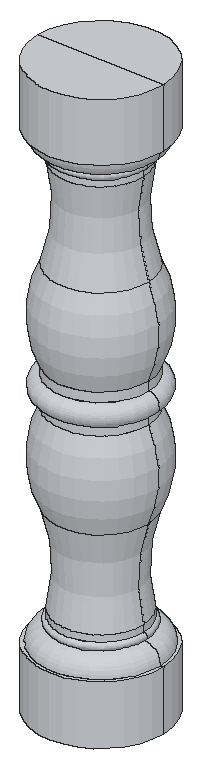
Revit family
Parameters (values of type "Balustrade J26")
  Width = 0' - 5 9/16"
  URL = "www.strombergarchitectural.com"
  Top Material = none
  Submittal Sheet = "www.strombergarchitectural.com/images/materials/gfrc/submittal/gfrc-submittal-sheet.pdf"
  Specifications = "www.strombergarchitectural.com/gfrcspecifications"
  Model Cut-sheet = "http://www.strombergarchitectural.com/products/balustrade/design/J26"
  Model = "Balustrade J26"
  Manufacturer = "Stromberg Architectural Products"
  Guidebook = "www.strombergarchitectural.com/images/materials/gfrc/handbooks/gfrc_guidebook.pdf   \r\n(http://www.strombergarchitectural.com/images/materials/gfrc/handbooks/gfrc_guidebook.pdf"
  Description = "GFRC Baluster"
  Assembly Code = ""
  Height = 2' - 1 9/16"
  XXX.5 = no
  XXX.4 = no
  XXX.3 = no
  XXX.2 = no
  XXX.1 = yes
Reference planes (in)
  plane 1 "Center (Front/Back)": y = 3.74847
  plane 2: z = 0
  plane 3 "Center (Left/Right)": x = 0.7278
  plane 4 "Front": y = -3.25153
  plane 5 "Back": y = 10.74847
  plane 6 "Left": x = -17.2722
  plane 7 "Right": x = 18.7278
Forms (in)
  Revolve 1, solid
    sketch origin (0, 3.74847, 0) x (1, 0, 0) y (0, 0, 1)
      loop
        line (0.7278, 25.5625) -> (-2.05345, 25.5625) -> (-2.05345, 22.97392) -> (-1.90335, 22.97392)
        arc (-1.90335, 22.97392) -> (-1.68355, 22.44326) -> (-1.15288, 22.22345) r 0.75048
        arc (-1.15288, 22.22345) -> (-1.30297, 22.07335) -> (-1.15288, 21.92326) r 0.1501
        line (-1.15288, 21.92326) -> (-1.15288, 21.62307)
        arc (-1.15288, 21.62307) -> (-0.95549, 19.57827) -> (-1.36802, 17.56581) r 6.9094
        arc (-1.36802, 17.56581) -> (-1.83702, 15.61576) -> (-1.37802, 13.66334) r 4.33473
        line (-1.37802, 13.66334) -> (-1.37802, 13.25058)
        arc (-1.37802, 13.25058) -> (-1.82831, 12.80029) -> (-1.37802, 12.35001) r 0.45029
        line (-1.37802, 12.35001) -> (-1.37802, 11.93725)
        arc (-1.37802, 11.93725) -> (-1.83702, 9.98482) -> (-1.36802, 8.03478) r 4.33473
        arc (-1.36802, 8.03478) -> (-0.95549, 6.02232) -> (-1.15288, 3.97752) r 6.9094
        line (-1.15288, 3.97752) -> (-1.15288, 3.67733)
        arc (-1.15288, 3.67733) -> (-1.30297, 3.52723) -> (-1.15288, 3.37714) r 0.1501
        arc (-1.15288, 3.37714) -> (-1.68355, 3.15733) -> (-1.90335, 2.62666) r 0.75048
        line (-1.90335, 2.62666) -> (-2.05345, 2.62666) -> (-2.05345, 0) -> (0.7278, 0) -> (0.7278, 25.5625)
      axis (0.7278, 25.5625) -> (0.7278, 0)
    angle from 0 to 360
Dimensions and locks (in)
  aligned and locked: level to plane 2
